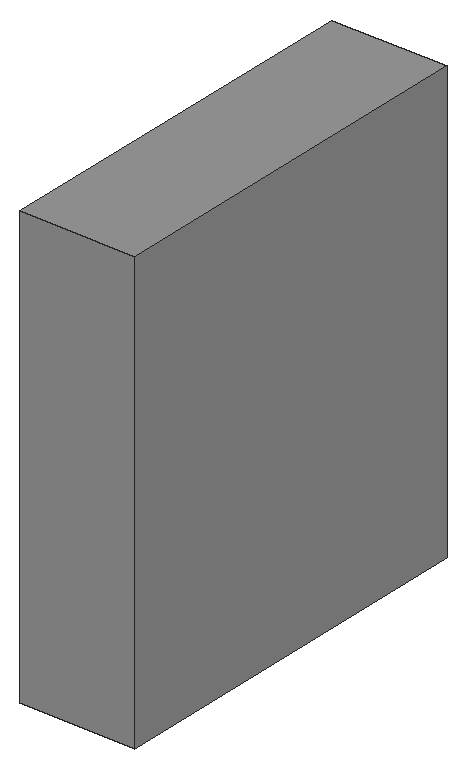
Revit family "PRE050006-FR", category Accessoire de canalisation, Revit 2017
Family settings
  Cote de connecteur circulaire = Utiliser le diamètre
  Type d'élément = Normal
  Basée sur le plan de construction = Non
  Toujours verticalement = Oui
  Couper avec des vides une fois chargée = Non
  Partagée = Non
Parameters (values of type "64652 PRESTO ROBINET TEMPORISE PRESTO 705 A MANETTE")
  Variantes = "64652"
  LC = 22.5 mm
  Garantie = "10"
  URL Fabricant = "http://www.prestodatashare.com/centretelechargement/index.php?lang=FR&refs=64652"
  URL = "http://www.prestodatashare.com/centretelechargement/index.php?lang=FR&refs=64652"
  Lien notice d'utilisation = "http://www.prestodatashare.com/centretelechargement/support.php?lang=FR&ref=64652"
  Lien fiche produit = "http://www.prestodatashare.com/espacedoc/Fiches_Techniques/FR/64652.pdf"
  Reference = "64652"
  Pression = "1 à 5 bars"
  Polantis code = "PRE050006-FR"
  Perte de charge = 0.0 Pa
  Profondeur = 152 mm
  Modèle = "64652 PRESTO ROBINET TEMPORISE PRESTO 705 A MANETTE"
  Matériau = Laiton poli chromé
  Lien CCTP = "http://www.prestodatashare.com/centretelechargement/index.php?lang=FR&refs=64652"
  Largeur = 45 mm
  PC = 22.5 mm
  Hauteur = 172 mm
  Fonction = "Pression d'utilisation recommandée :\r\n- 1 à 5 bars\r\n\r\nDébit :\r\n- 3 l/mn à 3 bars - Réglage 4 positions\r\n- Dispositif anti-coup de bélier\r\n\r\nDurée d'écoulement :\r\n- 15 secondes ± 5 secondes\r\n\r\nFonctionnement:\r\n- Par simple action sur la manette omnidirectionnelle (déclenchement\r\n  souple)\r\n\r\nAlimentation hydraulique :\r\n- Mâle G 1/2\" (15x21) en eau froide, chaude ou pré-mitigée\r\n\r\nRésistance thermique :\r\n- Ce robinet résiste à une température de 75°C durant 30 minutes dans\r\n  le cadre de chocs thermiques\r\n\r\nSécurité :\r\n- Repère par point de couleur inusable et indémontable (bleu ou rouge)\r\n\r\nLivré avec :\r\n- 1 Ecrou pour tube 12x14\r\n- 1 Joint fibre\r\n- 1 Rondelle de serrage inox\r\n- 1 Ecrou de serrage laiton\r\n- 1 Rondelle de serrage nitrile\r\n- 2 pions de couleur indémontables\r\n\r\nNormes / Agréments :\r\n- Classe acoustique II\r\n- Corps en laiton conforme aux normes NF EN1982 / NF EN12164 / NF\r\n  EN12165\r\n- Traitement de surface Nickel-Chrome selon NF EN12540\r\n- Résistance au brouillard salin neutre (NSS) : 200 h selon NF ISO 9227"
  Flux = 0.05 L/s
  Finition = "Corps en laiton avec finition chromée"
  Fabricant = "LES ROBINETS PRESTO S.A."
  Diamètre Nominal = 15 mm
  Description = "Robinet simple temporisé sur plage (NF), à manette omnidirectionnelle, alimentation en eau froide ou chaude. De type Presto 705 réf. 64652 ou techniquement équivalent. Avec mécanisme à rubis auto nettoyé par fil frein, débit préréglé à 3 l/mn. Réglage de débit interne."
  Debit = "3 l/min à 3 bars, réglage 4 positions\r\r\nDispositif anti-coup de bélier"
  Raccordement = "Mâle G 1/2\" (15x21) en eau froide, chaude ou pré-mitigée"
  Adresse = "7, RUE RACINE - 92542 MONTROUGE CEDEX FRANCE"
Reference planes
  plane 1 "Centre (avant/arrière)": y = 0
  plane 2: z = 0
  plane 3 "Centre (gauche/droite)": x = 0
  plane 4: y = -152
  plane 5: x = 45
  plane 6: z = 172
  plane 7: x = 22.5
  plane 8: z = 1
  plane 9: y = -22.5
  plane 10: x = 22.5
Forms (mm)
  Extrusion 1, solid, material "Laiton poli chromé" <- "Matériau", detail levels fine
    sketch origin (0, 0, 0) x (1, 0, 0) y (0, 1, 0)
      loop
        line (0, 0) -> (0, -152) -> (45, -152) -> (45, 0) -> (0, 0)
    from 0 to 172
  Extrusion 2, solid, material "Laiton poli chromé" <- "Matériau", detail levels fine
    sketch origin (0, 0, 0) x (1, 0, 0) y (0, 1, 0)
      loop
        circle (22.5, -22.5) r 5
    from 0 to 1
Cuts and joins
  joined: Extrusion 1, Extrusion 2
Dimensions and locks
  "Profondeur": plane 1 "Centre (avant/arrière)" to plane 4
  "Largeur": plane 3 "Centre (gauche/droite)" to plane 5
  "Hauteur": plane 6 to level
  equal spacing: plane 3 "Centre (gauche/droite)", plane 7, plane 5
  locked: plane 8 to plane 2 at 1
  "PC": plane 1 "Centre (avant/arrière)" to plane 9
  "LC": plane 3 "Centre (gauche/droite)" to plane 10
  aligned and locked: level to plane 2
  aligned and locked: plane 1 "Centre (avant/arrière)" to Extrusion 1 sketch curve
  aligned and locked: plane 3 "Centre (gauche/droite)" to Extrusion 1 sketch curve
  aligned and locked: plane 4 to Extrusion 1 sketch curve
  aligned and locked: plane 5 to Extrusion 1 sketch curve
  aligned and locked: plane 6 to Extrusion 1
  aligned and locked: plane 8 to Extrusion 2
  aligned and locked: plane 6 to nested 1
  aligned and locked: plane 10 to nested 1
  aligned and locked: plane 9 to nested 1
  aligned and locked: nested 2 to plane 5
  aligned and locked: plane 6 to nested 2
  aligned and locked: nested 2 to plane 4
Automatic sketch dimensions
  Extrusion 2 sketch curve to plane 9 = 0 mm
  Extrusion 2 sketch curve to plane 10 = 0 mm
  radius of Extrusion 2 sketch curve = 5 mm
Nested families
  nested 1: "SymboliqueA6" at (0, -22.5, 0) x (0, 1, 0) z (0, 0, 1), type "SymboliqueA6", detail levels coarse+medium
  nested 2: "S2DA6" at (45, -76, 0) x (0, 1, 0) z (0, 0, 1), type "S2DA6", detail levels coarse+medium
Connectors
  piping at (22.5, -22.5, 0), diameter 15, driven by "Diamètre Nominal", driven by "Flux", driven by "Perte de charge"
    settings: on Extrusion 2, index 3, connector inside diameter 609.6 mm, connector length 0 mm, flow factor 0, pipe flow 0.05 L/s, pressure drop 0.0 Pa, fitting loss kfactor 0, connector angle 0.00°, fixture units 0, engagement length 0 mm, angle of deflection 0.00°, flow configuration 0, flow direction 1, fitting loss method 4, system type 22, joint type 0, gender type 0, connector reference index -1, connector utility 0, adjustable connector no, is connector primary yes, connector description ""
Definition of nested family "SymboliqueA6"
  Parameters (values of type "SymboliqueA6")
    V = yes
    P = 1000 mm
    L = 1000 mm
    H = 1000 mm
  Reference planes
    plane 1 "Centre (avant/arrière)": y = 0
    plane 2: z = 0
    plane 3 "Centre (gauche/droite)": x = 0
    plane 4: y = -1000
    plane 5: x = -500
    plane 6: x = 500
    plane 7: z = 1000
    plane 8: z = 500
    plane 9: y = -500
  Lines and regions (mm)
    model lines
      curve 1: line (0, -1000, 1000) -> (0, 0, 0)
      curve 2: line (0, 0, 0) -> (0, -1000, 0)
      curve 3: line (0, -1000, 0) -> (0, 0, 1000)
      curve 4: line (0, 0, 1000) -> (0, -1000, 1000)
  Dimensions and locks
    "H": plane 7 to plane 2
    equal spacing: plane 5, plane 3 "Centre (gauche/droite)", plane 6
    "L": plane 5 to plane 6
    equal spacing: plane 7, plane 8, level
    equal spacing: plane 4, plane 9, plane 1 "Centre (avant/arrière)"
    "P": plane 1 "Centre (avant/arrière)" to plane 4
    aligned and locked: level to plane 2
  Automatic sketch dimensions
    curve 3 to level = 0 mm
    curve 1 to plane 1 "Centre (avant/arrière)" = 0 mm
    curve 1 to plane 7 = 0 mm
    curve 3 to plane 4 = 0 mm
    curve 3 to plane 1 "Centre (avant/arrière)" = 0 mm
    curve 4 to plane 4 = 0 mm
Definition of nested family "S2DA6"
  Parameters (values of type "S2DA6")
    P = 788.322 mm
    L = 1600 mm
    H = 1250.021 mm
  Reference planes
    plane 1 "Centre (avant/arrière)": y = 0
    plane 2: z = 0
    plane 3 "Centre (gauche/droite)": x = 0
    plane 4: y = 788.322
    plane 5: x = -800
    plane 6: x = 800
    plane 7: y = 394.161
    plane 8: z = 1250.021
    plane 9: z = 625.01
  Lines and regions (mm)
    symbolic lines
      curve 1: line (-800, 788.322, 0) -> (800, 0, 0)
      curve 2: line (800, 0, 0) -> (800, 788.322, 0)
      curve 3: line (800, 788.322, 0) -> (-800, 0, 0)
      curve 4: line (-800, 0, 0) -> (-800, 788.322, 0)
      curve 5: line (800, 0, 1250.021) -> (-800, 0, 1250.021)
      curve 6: line (-800, 0, 1250.021) -> (800, 0, 0)
      curve 7: line (800, 0, 0) -> (-800, 0, 0)
      curve 8: line (800, 0, 1250.021) -> (-800, 0, 0)
      curve 9: line (0, 788.322, 0) -> (0, 0, 1250.021)
      curve 10: line (0, 0, 1250.021) -> (0, 788.322, 1250.021)
      curve 11: line (0, 788.322, 1250.021) -> (0, 0, 0)
      curve 12: line (0, 0, 0) -> (0, 788.322, 0)
  Dimensions and locks
    equal spacing: plane 5, plane 3 "Centre (gauche/droite)", plane 6
    equal spacing: plane 1 "Centre (avant/arrière)", plane 7, plane 4
    "P": plane 1 "Centre (avant/arrière)" to plane 4
    "L": plane 5 to plane 6
    equal spacing: plane 8, plane 9, level
    "H": plane 8 to plane 2
    aligned and locked: level to plane 2
  Automatic sketch dimensions
    plane 1 "Centre (avant/arrière)" to curve 3 = 0 mm
    curve 1 to plane 4 = 0 mm
    curve 3 to plane 4 = 0 mm
    plane 1 "Centre (avant/arrière)" to curve 2 = 0 mm
    curve 3 to plane 6 = 0 mm
    curve 4 to plane 5 = 0 mm
    curve 10 to plane 1 "Centre (avant/arrière)" = 0 mm
    curve 10 to plane 8 = 0 mm
    curve 11 to plane 4 = 0 mm
    curve 12 to level = 0 mm
    curve 12 to plane 1 "Centre (avant/arrière)" = 0 mm
    curve 12 to plane 4 = 0 mm
    plane 5 to curve 5 = 0 mm
    curve 8 to level = 0 mm
    plane 5 to curve 8 = 0 mm
    plane 6 to curve 7 = 0 mm
    plane 6 to curve 8 = 0 mm
    curve 6 to plane 8 = 0 mm
